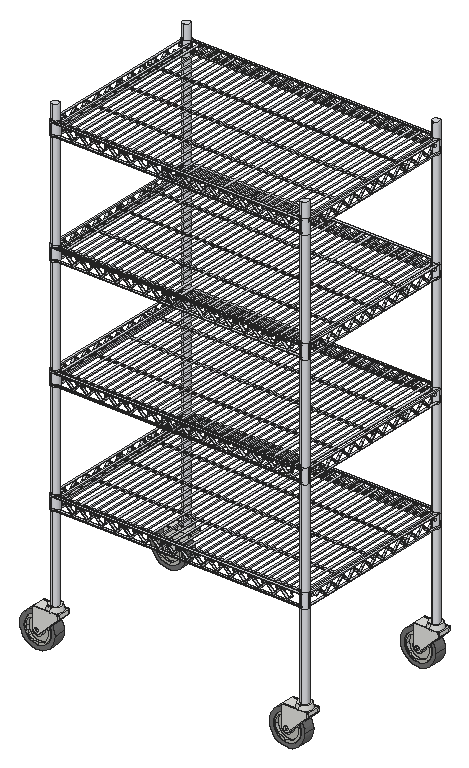
Revit family "Wire_Shelving-Salsbury_Industries-Mobile_Units_36_Wide", category Specialty Equipment, Revit 2016 (continued)
Definition of nested family "Wire Shelving Wheel"
  Dimensions and locks (in)
    aligned and locked: Extrusion 1 to Extrusion 3
    aligned and locked: plane 19 to Extrusion 3
    aligned and locked: Extrusion 4 to plane 20
    aligned and locked: Extrusion 1 to Extrusion 4
    aligned and locked: plane 16 to Blend 5 sketch curve  (x2)
    aligned and locked: plane 1 "Center (Front/Back)" to Blend 5 sketch curve  (x2)
    aligned and locked: Blend 5 to plane 10
    aligned and locked: plane 11 "Top of Wheel Brace" to Blend 5
    aligned and locked: Extrusion 6 to plane 22
    aligned and locked: plane 21 "Right Side of Bracket" to Extrusion 6
    aligned and locked: plane 12 "Horizontal Center of Wheel" to Extrusion 6 sketch curve
    aligned and locked: plane 15 "Vertical Center of Wheel" to Extrusion 6 sketch curve
    aligned and locked: plane 24 to Extrusion 7
    aligned and locked: Extrusion 7 to plane 23 "Left Side of Bracket"
    aligned and locked: plane 23 "Left Side of Bracket" to Extrusion 8
    aligned and locked: Blend 9 to plane 24
    aligned and locked: plane 26 to Blend 9
    aligned and locked: Blend 10 to plane 22
    aligned and locked: Blend 10 to plane 25
    aligned and locked: plane 12 "Horizontal Center of Wheel" to Extrusion 11 sketch curve
    aligned and locked: plane 15 "Vertical Center of Wheel" to Extrusion 11 sketch curve
    aligned and locked: plane 24 to Extrusion 11
    aligned and locked: curve 1 to plane 1 "Center (Front/Back)"
    aligned and locked: curve 2 to plane 16
    aligned and locked: Extrusion 8 to plane 21 "Right Side of Bracket"
    aligned and locked: plane 22 to curve 3
    aligned and locked: curve 5 to plane 24
    aligned and locked: plane 5 to curve 6
    aligned and locked: plane 14 to curve 4
    aligned and locked: curve 9 to plane 18 "Left Side of Wheel"
    aligned and locked: plane 14 to curve 9
    aligned and locked: plane 17 "Right Side of Wheel" to curve 7
    aligned and locked: curve 8 to plane 4
    aligned and locked: plane 29 to curve 12
    aligned and locked: plane 17 "Right Side of Wheel" to curve 12
    aligned and locked: curve 10 to plane 18 "Left Side of Wheel"
    aligned and locked: curve 11 to plane 8
    aligned and locked: plane 11 "Top of Wheel Brace" to curve 13
    aligned and locked: curve 14 to plane 30
    aligned and locked: plane 23 "Left Side of Bracket" to curve 15
    aligned and locked: curve 13 to plane 24
    aligned and locked: plane 30 to curve 17
    aligned and locked: plane 21 "Right Side of Bracket" to curve 18
    aligned and locked: curve 16 to plane 22
    aligned and locked: curve 19 to Extrusion 8
    aligned and locked: Blend 5 to curve 20
    aligned and locked: curve 21 to Blend 5
    aligned and locked: curve 23 to Extrusion 7
    aligned and locked: curve 24 to Extrusion 8
    aligned and locked: curve 25 to Extrusion 7
    aligned and locked: curve 26 to Extrusion 6
    aligned and locked: Extrusion 7 to plane 11 "Top of Wheel Brace"
    aligned and locked: curve 28 to Extrusion 6
    aligned and locked: curve 29 to Extrusion 7
    aligned and locked: curve 30 to Extrusion 7
    aligned and locked: curve 40 to Blend 5
  Automatic sketch dimensions
    Extrusion 4 sketch curve to Extrusion 4 sketch curve = 0.000"  (x2)
    Extrusion 4 sketch curve to plane 12 "Horizontal Center of Wheel" = 0.000"
    Extrusion 4 sketch curve to plane 15 "Vertical Center of Wheel" = 0.000"
    Blend 9 sketch curve to plane 12 "Horizontal Center of Wheel" = 0.000"  (x2)
    Blend 9 sketch curve to plane 15 "Vertical Center of Wheel" = 0.000"  (x2)
    Blend 10 sketch curve to plane 12 "Horizontal Center of Wheel" = 0.000"  (x2)
    Blend 10 sketch curve to plane 15 "Vertical Center of Wheel" = 0.000"  (x2)
    plane 19 to curve 2 = 0.000"
    plane 20 to curve 2 = 0.000"
    plane 16 to curve 1 = 0.4616"
    plane 28 to curve 1 = 0.38808"
    Extrusion 6 sketch curve to plane 11 "Top of Wheel Brace" = 0.000"
    Extrusion 6 sketch curve to plane 14 = 0.000"
    Extrusion 6 sketch curve to plane 30 = 0.000"
    Extrusion 6 sketch curve to plane 12 "Horizontal Center of Wheel" = 0.000"
    plane 5 to Extrusion 6 sketch curve = 0.000"
    Extrusion 6 sketch curve to plane 15 "Vertical Center of Wheel" = 0.04845"
    plane 12 "Horizontal Center of Wheel" to Extrusion 6 sketch curve = 0.23277"
    plane 3 "Center (Left/Right)" to Extrusion 6 sketch curve = 0.26723"
    Extrusion 6 sketch curve to plane 28 = 0.0065"
    Extrusion 6 sketch curve to plane 29 = 0.125"
    Extrusion 7 sketch curve to plane 11 "Top of Wheel Brace" = 0.000"
    Extrusion 7 sketch curve to plane 14 = 0.000"
    Extrusion 7 sketch curve to plane 30 = 0.000"
    Extrusion 7 sketch curve to plane 12 "Horizontal Center of Wheel" = 0.000"  (x2)
    Extrusion 7 sketch curve to plane 15 "Vertical Center of Wheel" = 0.000"
    plane 5 to Extrusion 7 sketch curve = 0.000"
    Extrusion 7 sketch curve to plane 15 "Vertical Center of Wheel" = 0.04845"
    plane 12 "Horizontal Center of Wheel" to Extrusion 7 sketch curve = 0.23277"
    plane 3 "Center (Left/Right)" to Extrusion 7 sketch curve = 0.26723"
    Extrusion 7 sketch curve to plane 28 = 0.0065"
    Extrusion 7 sketch curve to plane 29 = 0.125"
    Extrusion 8 sketch curve to plane 14 = 0.000"
    Extrusion 8 sketch curve to plane 27 = 0.000"
    plane 28 to Extrusion 8 sketch curve = 0.000"
    Extrusion 8 sketch curve to plane 11 "Top of Wheel Brace" = 0.000"
    plane 5 to Extrusion 8 sketch curve = 0.000"
    Extrusion 8 sketch curve to plane 29 = 0.000"
    plane 28 to Extrusion 8 sketch curve = 0.1185"
    Extrusion 8 sketch curve to plane 27 = 0.0065"
    Extrusion 8 sketch curve to plane 29 = 0.125"
    curve 20 to plane 23 "Left Side of Bracket" = 0.000"
    curve 21 to plane 21 "Right Side of Bracket" = 0.000"
    plane 11 "Top of Wheel Brace" to curve 16 = 0.000"
    curve 31 to curve 32 = 0.000"
    curve 31 to curve 33 = 0.000"  (x2)
    curve 31 to curve 34 = 0.000"
    curve 32 to curve 33 = 0.000"
    curve 33 to curve 34 = 0.000"
    curve 34 to curve 38 = 0.000"  (x2)
    curve 35 to curve 36 = 0.000"  (x2)
    curve 35 to curve 37 = 0.000"  (x2)
    curve 35 to curve 39 = 0.000"
    curve 36 to curve 38 = 0.000"  (x2)
    curve 37 to curve 39 = 0.000"
    curve 36 to plane 12 "Horizontal Center of Wheel" = 0.000"
    curve 36 to plane 15 "Vertical Center of Wheel" = 0.000"
    plane 12 "Horizontal Center of Wheel" to curve 25 = 0.23277"
    plane 28 to curve 40 = 0.125"
    curve 38 to plane 13 = 0.00001"
    curve 38 to plane 15 "Vertical Center of Wheel" = 0.00336"
    curve 34 to plane 15 "Vertical Center of Wheel" = 0.00333"
    curve 36 to plane 15 "Vertical Center of Wheel" = 0.00332"
    level to curve 33 = 0.000"
    curve 33 to plane 15 "Vertical Center of Wheel" = 0.00314"
    plane 3 "Center (Left/Right)" to curve 42 = 0.64437"
    curve 42 to curve 42 = 0.10563"
    curve 37 to plane 9 = 0.18763"
    plane 16 to curve 35 = 0.22185"
    curve 37 to curve 36 = 0.000"
    curve 35 to curve 34 = 0.000"
    radius of Extrusion 1 sketch curve = 2.500"
    radius of Extrusion 1 sketch curve = 1.88377"
    radius of Extrusion 3 sketch curve = 1.59362"
    radius of Extrusion 3 sketch curve = 0.750"
    radius of Extrusion 4 sketch curve = 1.59362"
    radius of Extrusion 4 sketch curve = 0.750"
    radius of Blend 5 sketch curve = 1.000"
    radius of Blend 5 sketch curve = 0.875"
    radius of Blend 9 sketch curve = 0.250"
    radius of Blend 9 sketch curve = 0.200"
    radius of Blend 10 sketch curve = 0.250"
    radius of Blend 10 sketch curve = 0.200"
    radius of Extrusion 2 sketch curve = 1.88377"
    radius of Extrusion 2 sketch curve = 0.250"
    radius of Extrusion 11 sketch curve = 0.250"
    radius of Extrusion 6 sketch curve = 0.250"
    radius of Extrusion 7 sketch curve = 0.250"
    radius of curve 31 = 0.250"
Types (5): name | Shelf 4 | Shelf 3 | Shelf 2 | Shelf 1 | Model | Height | Description | Depth
  (no name) | Wire_Shelving-Shelves : 9134 | Wire_Shelving-Shelves : 9134 | Wire_Shelving-Shelves : 9134 | Wire_Shelving-Shelves : 9134 | "9534M" | 69.000" | "36\" Wide - 69\" High - 24\" Deep - Certified by the National Sanitation Foundation (NSF)" | 24.000"
  9538M | Wire_Shelving-Shelves : 9138 | Wire_Shelving-Shelves : 9138 | Wire_Shelving-Shelves : 9138 | Wire_Shelving-Shelves : 9138 | "9538M" | 69.000" | "36\" Wide - 69\" High - 18\" Deep - Certified by the National Sanitation Foundation (NSF)" | 18.000"
  9534M | Wire_Shelving-Shelves : 9134 | Wire_Shelving-Shelves : 9134 | Wire_Shelving-Shelves : 9134 | Wire_Shelving-Shelves : 9134 | "9534M" | 69.000" | "36\" Wide - 69\" High - 24\" Deep - Certified by the National Sanitation Foundation (NSF)" | 24.000"
  9634M | Wire_Shelving-Shelves : 9134 | Wire_Shelving-Shelves : 9134 | Wire_Shelving-Shelves : 9134 | Wire_Shelving-Shelves : 9134 | "9634M" | 80.000" | "36\" Wide - 80\" High - 24\" Deep - Certified by the National Sanitation Foundation (NSF)" | 24.000"
  9638M | Wire_Shelving-Shelves : 9138 | Wire_Shelving-Shelves : 9138 | Wire_Shelving-Shelves : 9138 | Wire_Shelving-Shelves : 9138 | "9638M" | 80.000" | "36\" Wide - 80\" High - 18\" Deep - Certified by the National Sanitation Foundation (NSF)" | 18.000"
